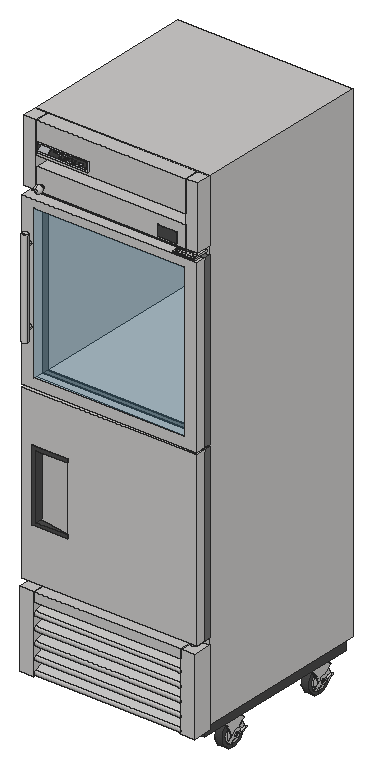
Revit family "QF_TRUE_T-23-1-G-1-HC~FGD01", category Specialty Equipment, Revit 2015
Parameters
  Weight in Pounds = 330
  Watts = if(Phase = 3, Volts * FL Amps * 1.73, Volts * FL Amps)  # 253 W
  Volts = 115 V
  URL Cutsheet = ""
  Specification by User = ""
  Specification by Manufacturer = ""
  Show Logo [instance] = yes
  Show Clearance [instance] = yes
  Show 6 Inches Standard Legs [instance] = no
  Show 6 Inches Seismic Flanged Legs [instance] = no
  Overall Height [instance] = Body Height + Base Height  # 83 3/8"
  Body Height = 78 3/8"
  6 Inches Seismic Flanged Legs [instance] = and(Show 6 Inches Seismic Flanged Legs, not(Show 5 Inches Casters))  # no
  6 Inches Standard Legs [instance] = and(Show 6 Inches Standard Legs, not(Show 5 Inches Casters))  # no
  Show 5 Inches Casters [instance] = if(Show 6 Inches Seismic Flanged Legs, Show 6 Inches Standard Legs, not(Show 6 Inches Standard Legs))  # yes
  Serial Number = ""
  Seismic Rating = ""
  SMACNA No = ""
  Revision Code = ""
  Phase = 1
  Number of Poles = 1
  NAFEM Spec ID Number = ""
  Model = "T-23-1-G-1-HC~FGD01"
  Min Ckt Ampacity = 0 A
  Max Overcurrent Protection = 0 A
  Masterspec = ""
  Manufacturer = "TRUE"
  Length = 27"
  Item Number = ""
  Installed By = ""
  Identify Quantity as Lot = yes
  Height = 83 3/8"
  HP = "1/4"
  Furnished By = ""
  Foodservice Equipment Identifier = yes
  FL Amps = 2.2 A
  Electrical Remarks = ""
  Electric Connection Type = ""
  Elec Conn RI Height = 0"
  Elec Conn Connection Height = 0"
  Description = "REACH-IN COMBINATION HALF SWING DOOR REFRIGERATOR WITH HYDROCARBON REFRIGERANT~FRAMED GLASS DOOR VERSION 01"
  Depth = 32 1/8"
  Cycle = 60 Hz
  Conn Plug = "NEMA 5-15P"
  Conn Conduit = yes
  CSI MasterFormat = ""
  Base Height [instance] = if(Show 5 Inches Casters, 5", 6")  # 5"
  Apparent Power = if(Phase = 3, Volts * FL Amps * 1.73, Volts * FL Amps)  # 253 VA
Reference planes (in)
  plane 1 "BACK": y = 0
  plane 2: z = 0
  plane 3 "LEFT": x = 0
  plane 4 "RIGHT": x = 27
  plane 5 "FRONT": y = -32.125
  plane 6 "TOP": z = 5
  plane 7 "Center Y": x = 13.5
  plane 8 "Center X": y = -16.0625
  plane 9: z = 83.375
Dimensions and locks (in)
  equal spacing: plane 3 "LEFT", plane 7 "Center Y", plane 4 "RIGHT"
  "Length": plane 3 "LEFT" to plane 4 "RIGHT"
  equal spacing: plane 5 "FRONT", plane 8 "Center X", plane 1 "BACK"
  "Depth": plane 5 "FRONT" to plane 1 "BACK"
  "Base Height": plane 6 "TOP" to level
  plane 1 "BACK" to nested 1 = 54 7/8"
  "Body Height": plane 9 to plane 6 "TOP"
  "Overall Height": plane 9 to plane 2
  aligned and locked: plane 2 to level
  aligned and locked: nested 1 to plane 6 "TOP"
Nested families (in)
  nested 1: "T-23-1-G-1-HC-FGD01" at (0, 0, 5), Show Clearance <- "Show Clearance", Show Logo <- "Show Logo", type "T-23-1-G-1-HC-FGD01"
    with Show Logo yes, Show Clearance yes
  nested 2: "TRUE_L6_C3.5" at (2.98654, -21.77779, 0), Show 6 Inches Legs <- "6 Inches Standard Legs", Seismic Flanged <- "6 Inches Seismic Flanged Legs", Show 5" Casters <- "Show 5 Inches Casters", type "TRUE_L6_C3.5"
    with Type Mark "", Specification by User "", Show 6 Inches Legs no, Show 5" Casters yes, Seismic Flanged no, Revision Code "", Item Number "", Installed By "", Identify Quantity as Lot yes, Furnished By "", Foodservice Equipment Identifier yes
  nested 3: "TRUE_L6_C3.5" at (24.01346, -21.77779, 0), Show 6 Inches Legs <- "6 Inches Standard Legs", Seismic Flanged <- "6 Inches Seismic Flanged Legs", Show 5" Casters <- "Show 5 Inches Casters", type "TRUE_L6_C3.5"
    with Type Mark "", Specification by User "", Show 6 Inches Legs no, Show 5" Casters yes, Seismic Flanged no, Revision Code "", Item Number "", Installed By "", Identify Quantity as Lot yes, Furnished By "", Foodservice Equipment Identifier yes
  nested 4: "TRUE_L6_C3.5" at (2.98654, -5.03471, 0), Show 6 Inches Legs <- "6 Inches Standard Legs", Seismic Flanged <- "6 Inches Seismic Flanged Legs", Show 5" Casters <- "Show 5 Inches Casters", type "TRUE_L6_C3.5"
    with Type Mark "", Specification by User "", Show 6 Inches Legs no, Show 5" Casters yes, Seismic Flanged no, Revision Code "", Item Number "", Installed By "", Identify Quantity as Lot yes, Furnished By "", Foodservice Equipment Identifier yes
  nested 5: "TRUE_L6_C3.5" at (24.01346, -5.03471, 0), Show 6 Inches Legs <- "6 Inches Standard Legs", Seismic Flanged <- "6 Inches Seismic Flanged Legs", Show 5" Casters <- "Show 5 Inches Casters", type "TRUE_L6_C3.5"
    with Type Mark "", Specification by User "", Show 6 Inches Legs no, Show 5" Casters yes, Seismic Flanged no, Revision Code "", Item Number "", Installed By "", Identify Quantity as Lot yes, Furnished By "", Foodservice Equipment Identifier yes
Connectors (in)
  electrical at (12.40625, 0.25, 5.87463), driven by "Volts", driven by "Watts"
    settings: on nested 1, index 1, voltage 115 V, apparent load 253 VA, apparent load phase1 0 VA, apparent load phase2 0 VA, apparent load phase3 0 VA, power factor 1, load classification "Other", number of poles 1, system type 30, power factor state 1, is connector primary yes, connector utility no, sub classification motor no, connector description "ELECTRICAL CONNECTION"
Definition of nested family "T-23-1-G-1-HC-FGD01"
  Parameters (values of type "T-23-1-G-1-HC-FGD01")
    Weight in Pounds = 0
    Watts = if(Phase = 3, Volts * FL Amps * 1.73, Volts * FL Amps)  # 0 W
    Volts = 0 V
    URL Cutsheet = ""
    Specification by User = ""
    Specification by Manufacturer = ""
    Show Logo [instance] = yes
    Show Clearance [instance] = yes
    Serial Number = ""
    Seismic Rating = ""
    SMACNA No = ""
    Revision Code = ""
    Phase = 0
    Number of Poles = 1
    NAFEM Spec ID Number = ""
    Model = "T-12FG-HC~FGD01"
    Min Ckt Ampacity = 0 A
    Max Overcurrent Protection = 0 A
    Masterspec = ""
    Manufacturer = "TRUE"
    Length = 27"
    Item Number = ""
    Installed By = ""
    Identify Quantity as Lot = yes
    Height = 78 3/8"
    HP = ""
    Furnished By = ""
    Foodservice Equipment Identifier = yes
    FL Amps = 0 A
    Electrical Remarks = ""
    Electric Connection Type = ""
    Elec Conn RI Height = 0"
    Elec Conn Connection Height = 0"
    Description = ""
    Depth = 32 1/8"
    Cycle = 0 Hz
    Conn Plug = ""
    Conn Conduit = yes
    CSI MasterFormat = ""
    Apparent Power = if(Phase = 3, Volts * FL Amps * 1.73, Volts * FL Amps)  # 0 VA
  Reference planes (in)
    plane 1 "BACK": y = 0
    plane 2: z = 0
    plane 3 "LEFT": x = 0
    plane 4 "RIGHT": x = 27
    plane 5 "FRONT": y = -32.125
    plane 6 "TOP": z = 78.375
    plane 7 "Center Y": x = 13.5
    plane 8 "Center X": y = -16.0625
    plane 9: y = -30.5
    plane 10: y = -54.875
  Forms (in)
    Extrusion 1, solid
      sketch origin (0, 0, -3.4375) x (0, 1, 0) y (0, 0, 1)
        loop
          line (-27.83459, 5.6875) -> (-27.83459, 3.4375) -> (-0.625, 3.4375) -> (-0.625, 5.6875) -> (-27.83459, 5.6875)
      from 1.05258 to 25.94742
    Extrusion 2, solid
      sketch origin (0, 0, 59.09193) x (0, 0, -1) y (-1, 0, 0)
        loop
          circle (56.6548, -12.40625) r 0.25
      from 0 to 0.25
    Extrusion 3, solid
      sketch origin (0, 0, -3.4375) x (0, 1, 0) y (0, 0, 1)
        loop
          line (0, 17.70886) -> (-0.5, 17.70886) -> (-0.5, 4.13763) -> (0, 4.13763) -> (0, 17.70886)
      from 1.05258 to 23.84813
    Extrusion 4, solid
      sketch origin (0, -28.25, 2.25) x (0, 0, 1) y (-1, 0, 0)
        loop
          line (38.87447, 0) -> (38.87447, -27) -> (65.18935, -27) -> (65.18935, 0) -> (38.87447, 0)
        loop
          line (40.37447, -25.17578) -> (63.99013, -25.17578) -> (63.99013, -1.82422) -> (40.37447, -1.82422) -> (40.37447, -25.17578)
      from 0.88884 to 2.57713
    Extrusion 5, solid
      sketch origin (0, -17.5, -3.4375) x (0, 1, 0) y (0, 0, 1)
        loop
          line (-13.71875, 16.72427) -> (-13.71875, 15.32363) -> (-10.75, 15.32363) -> (-10.75, 16.72427) -> (-13.71875, 16.72427)
        loop
          line (-13.20993, 5.0211) -> (-10.75, 5.97002) -> (-10.75, 6.77338) -> (-13.4787, 5.72128)
          arc (-13.4787, 5.72128) -> (-13.69441, 5.2368) -> (-13.20993, 5.0211) r 0.375
        loop
          line (-13.20993, 9.13047) -> (-10.75, 10.0794) -> (-10.75, 10.88276) -> (-13.4787, 9.83066)
          arc (-13.4787, 9.83066) -> (-13.69441, 9.34618) -> (-13.20993, 9.13047) r 0.375
        loop
          line (-13.20993, 7.07086) -> (-10.75, 8.01978) -> (-10.75, 8.82314) -> (-13.4787, 7.77104)
          arc (-13.4787, 7.77104) -> (-13.69441, 7.28656) -> (-13.20993, 7.07086) r 0.375
        loop
          line (-13.20993, 11.19009) -> (-10.75, 12.13901) -> (-10.75, 12.94237) -> (-13.4787, 11.89027)
          arc (-13.4787, 11.89027) -> (-13.69441, 11.40579) -> (-13.20993, 11.19009) r 0.375
        loop
          line (-13.20993, 13.24971) -> (-10.75, 14.19863) -> (-10.75, 14.94863) -> (-13.4787, 13.94989)
          arc (-13.4787, 13.94989) -> (-13.69441, 13.46541) -> (-13.20993, 13.24971) r 0.375
      from 2.10981 to 24.89019
    Extrusion 6, solid
      sketch origin (0, -30.82713, 2.25) x (0, 0, 1) y (-1, 0, 0)
        loop
          line (63.99013, -1.82422) -> (40.37447, -1.82422) -> (40.37447, -25.17578) -> (63.99013, -25.17578) -> (63.99013, -1.82422)
      from 0 to -0.25
    Extrusion 7, solid
      sketch origin (27, -28.25, 41.12447) x (0, 1, 0) y (1, 0, 0)
        loop
          line (0, -1.157) -> (0, -0.21392) -> (-2.06523, -0.25589)
          arc (-2.06523, -0.25589) -> (-2.48736, -0.68546) -> (-2.06523, -1.11503) r 0.42963
          line (-2.06523, -1.11503) -> (0, -1.157)
        loop
          circle (-2.05773, -0.68546) r 0.25
      from 0 to 0.22057
    Extrusion 8, solid
      sketch origin (27, -28.25, 41.12447) x (0, 1, 0) y (1, 0, 0)
        loop
          circle (-2.05773, -0.68546) r 0.25
      from 0 to 0.29961
    Extrusion 9, solid
      sketch origin (0, -6, -3.4375) x (0, 1, 0) y (0, 0, 1)
        loop
          line (-24.5, 81.8125) -> (-24.5, 72.09417) -> (-22.25, 72.09417) -> (-22.25, 81.8125) -> (-24.5, 81.8125)
      from 0 to 1.90515
    Extrusion 10, solid
      sketch origin (0, -6, -3.4375) x (0, 1, 0) y (0, 0, 1)
        loop
          line (-24.5, 75.37331) -> (-24.5, 72.09417) -> (-22.25, 72.09417) -> (-22.25, 75.37331) -> (-24.5, 75.37331)
        loop
          line (-24.5, 76.95333) -> (-22.25, 76.95333) -> (-22.25, 81.8125) -> (-24.5, 81.8125) -> (-24.5, 76.95333)
      from 1.90515 to 25.09485
    Extrusion 11, solid
      sketch origin (0, 3.5, -0.60715) x (0, -1, 0) y (0, 0, 1)
        loop
          line (31.76964, 13.89392) -> (31.76964, 2.10715) -> (34.73839, 2.10715) -> (34.73839, 13.89392) -> (31.76964, 13.89392)
      from -2.10981 to 0
    Extrusion 12, solid
      sketch origin (0.25, -30.5, 69.375) x (0, 0, 1) y (-1, 0, 0)
        loop
          line (1.12393, -20.5494) -> (-0.51594, -20.5494) -> (-0.51594, -23.49734) -> (1.12393, -23.49734) -> (1.12393, -20.5494)
      from 0 to 0.0625
    Extrusion 13, solid
      sketch origin (27, -6, 0) x (0, -1, 0) y (0, 0, 1)
        loop
          line (24.5, 78.375) -> (22.25, 78.375) -> (22.25, 68.65667) -> (24.5, 68.65667) -> (24.5, 78.375)
      from 0 to 1.90515
    Extrusion 14, solid
      sketch origin (27, 3.5, -0.60715) x (0, -1, 0) y (0, 0, -1)
        loop
          line (31.76964, -13.89392) -> (34.73839, -13.89392) -> (34.73839, -2.10715) -> (31.76964, -2.10715) -> (31.76964, -13.89392)
      from -2.10981 to 0
    Extrusion 15, solid
      sketch origin (0, -28.25, 67.43935) x (1, 0, 0) y (0, 1, 0)
        loop
          line (26.52659, -1.27764) -> (23.06149, -1.27764) -> (23.06149, -2.32875) -> (26.52659, -2.32875) -> (26.52659, -1.27764)
        loop
          circle (26.09113, -1.82353) r 0.25
        loop
          circle (24.44087, -1.81192) r 0.25
        loop
          circle (23.44087, -1.81192) r 0.25
      from 0 to 0.22057
    Extrusion 16, solid
      sketch origin (0, -28.25, 67.43935) x (1, 0, 0) y (0, 1, 0)
        loop
          circle (24.44087, -1.81192) r 0.25
        loop
          circle (23.44087, -1.81192) r 0.25
      from 0 to 0.31015
    Extrusion 17, solid
      sketch origin (0, -28.25, 67.93699) x (1, 0, 0) y (0, 1, 0)
        loop
          circle (26.09249, -1.82353) r 0.25
      from 0.07804 to -0.27708
    Extrusion 18, solid
      sketch origin (0, -28.25, 67.74949) x (1, 0, 0) y (0, 1, 0)
        loop
          line (26.54743, -2.35477) -> (26.50632, 0) -> (25.58853, 0) -> (25.54743, -2.35477) -> (26.54743, -2.35477)
        loop
          circle (26.09249, -1.82353) r 0.25
      from 0 to 0.1875
    Revolve 19, solid
      sketch origin (2.8125, -5.41031, -0.74369) x (0, 1, 0) y (0, 0, 1)
        loop
          line (-26.21193, 70.08568) -> (-25.08969, 70.08568) -> (-25.08969, 70.38048) -> (-25.29687, 70.38048) -> (-25.29687, 70.44449) -> (-25.41402, 70.44449)
          arc (-25.41402, 70.44449) -> (-25.84599, 70.63218) -> (-26.21193, 70.33568) r 0.45393
          line (-26.21193, 70.33568) -> (-26.21193, 70.08568)
        axis (-26.21193, 70.08568) -> (-25.08969, 70.08568)
      angle from 0 to 360
    Extrusion 20, solid
      sketch origin (0, -28.25, 2.25) x (0, 0, 1) y (-1, 0, 0)
        loop
          line (38.57487, 0) -> (12.02136, 0) -> (12.02136, -27) -> (38.57487, -27) -> (38.57487, 0)
        loop
          line (31.06188, -7.13049) -> (31.06188, -1.63049) -> (20.06188, -1.63049) -> (20.06188, -7.13049) -> (20.56188, -7.13049) -> (20.56188, -2.2811) -> (30.56188, -2.2811) -> (30.56188, -7.13049) -> (31.06188, -7.13049)
      from 0.88884 to 2.57713
    Extrusion 21, void
      sketch origin (1.63049, -28.25, 22.31188) x (1, 0, 0) y (0, 1, 0)
        loop
          line (0.65062, -1.73299) -> (0.65062, -2.57713) -> (5.5, -2.57713) -> (0.65062, -1.73299)
      from 0 to 11
    Extrusion 22, solid
      sketch origin (0, -29.13884, 2.25) x (0, 0, -1) y (-1, 0, 0)
        loop
          line (-20.06188, -1.63049) -> (-31.06188, -1.63049) -> (-31.06188, -2.2811) -> (-31.06188, -7.13049) -> (-30.56188, -7.13049) -> (-30.56188, -2.2811) -> (-20.56188, -2.2811) -> (-20.56188, -7.13049) -> (-20.06188, -7.13049) -> (-20.06188, -2.2811) -> (-20.06188, -1.63049)
      from -1.8662 to 0
    Extrusion 23, solid
      sketch origin (0, -0.5, 75.5) x (0, 0, -1) y (-1, 0, 0)
        loop
          line (-2.875, -27) -> (73.25, -27) -> (73.25, 0) -> (-2.875, 0) -> (-2.875, -27)
        loop
          line (9.25987, -1.82422) -> (9.25987, -25.17578) -> (32.87553, -25.17578) -> (32.87553, -1.82422) -> (9.25987, -1.82422)
      from -0.125 to -27.75
    Extrusion 24, solid
      sketch origin (0, -0.625, 75.5) x (0, 0, -1) y (-1, 0, 0)
        loop
          line (9.25987, -25.17578) -> (32.87553, -25.17578) -> (32.87553, -1.82422) -> (9.25987, -1.82422) -> (9.25987, -25.17578)
      from 0 to -1
    Extrusion 25, solid
      sketch origin (27, -28.25, 14.27136) x (0, 1, 0) y (1, 0, 0)
        loop
          line (0, -1.157) -> (0, -0.21392) -> (-2.06523, -0.25589)
          arc (-2.06523, -0.25589) -> (-2.48736, -0.68546) -> (-2.06523, -1.11503) r 0.42963
          line (-2.06523, -1.11503) -> (0, -1.157)
        loop
          circle (-2.05773, -0.68546) r 0.25
      from 0 to 0.22057
    Extrusion 26, solid
      sketch origin (27, -28.25, 14.27136) x (0, 1, 0) y (1, 0, 0)
        loop
          circle (-2.05773, -0.68546) r 0.25
      from 0 to 0.29961
    Extrusion 27, solid, visible <- "Show Clearance", detail levels coarse
      sketch origin (0, -6, 0) x (1, 0, 0) y (0, 1, 0)
        loop
          arc (0.00341, -24.82713) -> (8.41152, -42.5654) -> (27, -48.875) r 25.17696
          line (27, -48.875) -> (27, -24.82713) -> (0.00341, -24.82713)
      from 14.27136 to 67.43935
    Revolve 28, solid
      sketch origin (0, -31.6875, 0) x (1, 0, 0) y (0, 0, 1)
        loop
          line (1.10057, 47.84149) -> (1.10057, 62.77899) -> (0.66307, 62.77899) -> (0.66307, 47.84149) -> (1.10057, 47.84149)
        axis (1.10057, 47.84149) -> (1.10057, 62.77899)
      angle from 0 to 360
    Extrusion 29, solid
      sketch origin (0, 0, 0) x (1, 0, 0) y (0, 0, 1)
        loop
          circle (1.10057, 61.15399) r 0.31825
        loop
          circle (1.10057, 49.57627) r 0.31825
      from 30.82713 to 31.62224
    Extrusion 30, solid
      sketch origin (0, -28.25, 75.5) x (0, 0, 1) y (-1, 0, 0)
        loop
          line (-8.06065, -27) -> (-8.06065, 0) -> (-34.37553, 0) -> (-34.37553, -27) -> (-8.06065, -27)
        loop
          line (-9.25987, -1.82422) -> (-32.87553, -1.82422) -> (-32.87553, -25.17578) -> (-9.25987, -25.17578) -> (-9.25987, -1.82422)
        loop
          line (-34.67513, 0) -> (-61.22864, 0) -> (-61.22864, -27) -> (-34.67513, -27) -> (-34.67513, 0)
      from 0 to 0.88884
  Cuts and joins
    Extrusion 21 cuts Extrusion 20
    joined: Extrusion 23, Extrusion 24
  Lines and regions (in)
    symbolic lines
      curve 1: arc (0.00341, -30.82713, 0) -> (1.31598, -37.85492, 0) -> (4.55105, -44.23043, 0) r 25.17696
      curve 2: line (0, -0.625, 0) -> (27, -0.625, 0)
      curve 3: line (0, -30.82713, 0) -> (0, -0.625, 0)
      curve 4: line (27, -30.82713, 0) -> (3.16882, -30.82713, 0)
      curve 5: line (27, -0.625, 0) -> (27, -30.82713, 0)
      curve 6: circle (1.10057, -31.6875, 0) r 0.4375 normal (0, 0, 1)
      curve 7: line (0, -31.23839, 0) -> (2.26149, -31.23839, 0)
      curve 8: line (0.78232, -31.3873, 0) -> (0.78232, -31.23839, 0)
      curve 9: line (1.41882, -31.3873, 0) -> (1.41882, -31.23839, 0)
      curve 10: line (2.5625, -31.62224, 0) -> (3.0625, -31.62224, 0)
      curve 11: arc (2.45439, -30.82713, 0) -> (2.26371, -31.25796, 0) -> (2.5625, -31.62224, 0) r 0.44936
      curve 12: arc (3.16882, -30.82713, 0) -> (3.36137, -31.25754, 0) -> (3.0625, -31.62224, 0) r 0.44842
      curve 13: line (3.36351, -31.23839, 0) -> (27, -31.23839, 0)
      curve 14: line (27, -31.23839, 0) -> (27, -30.82713, 0)
      curve 15: line (0, -30.5, 0) -> (27, -30.5, 0)
      curve 16: line (2.45369, -30.70718, 0) -> (2.45369, -30.82713, 0)
      curve 17: line (2.45369, -30.70718, 0) -> (3.16882, -30.70718, 0)
      curve 18: line (2.5177, -30.70718, 0) -> (2.5177, -30.5, 0)
      curve 19: line (3.16882, -30.82713, 0) -> (3.16882, -30.70718, 0)
      curve 20: line (3.1073, -30.70718, 0) -> (3.1073, -30.5, 0)
      curve 21: line (0, -28.26964, 0) -> (27, -28.26964, 0)
      curve 22: line (1.05258, 0, 0) -> (1.05258, -0.625, 0)
      curve 23: line (1.05258, 0, 0) -> (23.84813, 0, 0)
      curve 24: line (23.84813, 0, 0) -> (23.84813, -0.625, 0)
      curve 25: line (4.55105, -44.23043, 0) -> (27, -31.23839, 0)
      curve 26: line (2.45439, -30.82713, 0) -> (0, -30.82713, 0)
      curve 27: line (2.45369, -30.82433, 0) -> (3.16882, -30.82433, 0)
      curve 28: line (1.90515, -28.26964, 0) -> (1.90515, -30.5, 0)
      curve 29: line (25.09485, -28.26964, 0) -> (25.09485, -30.5, 0)
  Dimensions and locks (in)
    equal spacing: plane 3 "LEFT", plane 7 "Center Y", plane 4 "RIGHT"
    "Length": plane 3 "LEFT" to plane 4 "RIGHT"
    equal spacing: plane 5 "FRONT", plane 8 "Center X", plane 1 "BACK"
    "Depth": plane 5 "FRONT" to plane 1 "BACK"
    "Height": plane 6 "TOP" to level
    plane 5 "FRONT" to plane 1 "BACK" = 32 1/8"
    plane 9 to plane 1 "BACK" = 30 1/2"
    plane 4 "RIGHT" to plane 3 "LEFT" = 27"
    plane 9 to cut or joined group of Extrusion 23, Extrusion 24 = 29 7/8"
    cut or joined group of Extrusion 23, Extrusion 24 to plane 1 "BACK" = 5/8"
    plane 1 "BACK" to plane 10 = 54 7/8"
    aligned and locked: level to plane 2
  Automatic sketch dimensions
    Extrusion 1 sketch curve to level = 0"
    plane 9 to Extrusion 1 sketch curve = 2.66541"
    plane 1 "BACK" to Extrusion 1 sketch curve = 5/8"
    level to Extrusion 1 sketch curve = 2 1/4"
    Extrusion 2 sketch curve to plane 7 "Center Y" = 1 3/32"
    level to Extrusion 2 sketch curve = 2.43713"
    Extrusion 3 sketch curve to plane 1 "BACK" = 0"
    plane 1 "BACK" to Extrusion 3 sketch curve = 1/2"
    level to Extrusion 3 sketch curve = 0.70013"
    Extrusion 3 sketch curve to Extrusion 3 sketch curve = 13.57123"
    Extrusion 4 sketch curve to plane 3 "LEFT" = 0"
    plane 4 "RIGHT" to Extrusion 4 sketch curve = 0"
    Extrusion 4 sketch curve to plane 6 "TOP" = 37.25053"
    Extrusion 4 sketch curve to Extrusion 4 sketch curve = 1 1/2"
    plane 4 "RIGHT" to Extrusion 4 sketch curve = 1 211/256"
    Extrusion 4 sketch curve to plane 6 "TOP" = 12.13487"
    Extrusion 4 sketch curve to Extrusion 4 sketch curve = 1 51/256"
    plane 3 "LEFT" to Extrusion 4 sketch curve = 1 211/256"
    Extrusion 5 sketch curve to plane 9 = 23/32"
    Extrusion 5 sketch curve to plane 9 = 0.4787"  (x5)
    Extrusion 5 sketch curve to plane 9 = 0.34431"  (x5)
    Extrusion 5 sketch curve to plane 9 = 0.20993"  (x5)
    plane 9 to Extrusion 5 sketch curve = 2 1/4"  (x2)
    Extrusion 5 sketch curve to Extrusion 5 sketch curve = 0"  (x4)
    level to Extrusion 5 sketch curve = 1.5836"
    Extrusion 5 sketch curve to Extrusion 5 sketch curve = 0.35009"  (x5)
    level to Extrusion 5 sketch curve = 2.53252"
    Extrusion 5 sketch curve to Extrusion 5 sketch curve = 0.80336"  (x4)
    Extrusion 5 sketch curve to Extrusion 5 sketch curve = 1.34957"
    Extrusion 5 sketch curve to Extrusion 5 sketch curve = 1.2464"
    Extrusion 5 sketch curve to Extrusion 5 sketch curve = 1.35943"  (x3)
    Extrusion 5 sketch curve to Extrusion 5 sketch curve = 1.25626"  (x3)
    Extrusion 5 sketch curve to Extrusion 5 sketch curve = 3/4"
    Extrusion 5 sketch curve to Extrusion 5 sketch curve = 3/8"
    Extrusion 5 sketch curve to Extrusion 5 sketch curve = 1.40064"
    Extrusion 6 sketch curve to Extrusion 4 = 0"  (x4)
    Extrusion 7 sketch curve to Extrusion 7 sketch curve = 0"  (x2)
    Extrusion 7 sketch curve to Extrusion 4 = 0.51191"  (x2)
    Extrusion 7 sketch curve to Extrusion 4 = 0.25589"
    Extrusion 7 sketch curve to Extrusion 7 sketch curve = 0.0075"
    Extrusion 4 to Extrusion 7 sketch curve = 0.88884"
    Extrusion 7 sketch curve to Extrusion 4 = 0.21392"
    Extrusion 7 sketch curve to Extrusion 7 sketch curve = 0.42957"
    Extrusion 7 sketch curve to Extrusion 7 sketch curve = 0.94308"
    Extrusion 8 sketch curve to Extrusion 4 = 0.5194"
    Extrusion 8 sketch curve to Extrusion 4 = 0.68546"
    Extrusion 9 sketch curve to plane 9 = 0"
    Extrusion 9 sketch curve to plane 6 "TOP" = 0"
    Extrusion 9 sketch curve to Extrusion 9 sketch curve = 2 1/4"
    Extrusion 9 sketch curve to Extrusion 9 sketch curve = 9.71833"
    Extrusion 10 sketch curve to plane 9 = 0"  (x2)
    Extrusion 10 sketch curve to plane 6 "TOP" = 0"
    plane 9 to Extrusion 10 sketch curve = 2 1/4"
    Extrusion 10 sketch curve to Extrusion 10 sketch curve = 0"
    Extrusion 10 sketch curve to Extrusion 10 sketch curve = 4.85917"
    Extrusion 10 sketch curve to Extrusion 10 sketch curve = 1.58002"
    Extrusion 10 sketch curve to Extrusion 10 sketch curve = 3.27914"
    plane 9 to Extrusion 11 sketch curve = 2.23036"
    Extrusion 11 sketch curve to plane 9 = 0.73839"
    level to Extrusion 11 sketch curve = 1 1/2"
    Extrusion 11 sketch curve to Extrusion 11 sketch curve = 11.78677"
    Extrusion 12 sketch curve to plane 6 "TOP" = 9.51594"
    Extrusion 12 sketch curve to Extrusion 12 sketch curve = 1.63987"
    plane 4 "RIGHT" to Extrusion 12 sketch curve = 3.25266"
    Extrusion 12 sketch curve to Extrusion 12 sketch curve = 2.94794"
    Extrusion 13 sketch curve to plane 6 "TOP" = 0"
    Extrusion 13 sketch curve to plane 9 = 0"
    Extrusion 13 sketch curve to Extrusion 13 sketch curve = 2 1/4"
    Extrusion 13 sketch curve to plane 6 "TOP" = 9.71833"
    plane 9 to Extrusion 14 sketch curve = 2.23036"
    Extrusion 14 sketch curve to plane 9 = 0.73839"
    level to Extrusion 14 sketch curve = 13.28677"
    level to Extrusion 14 sketch curve = 1 1/2"
    Extrusion 4 to Extrusion 15 sketch curve = 0.24838"
    Extrusion 4 to Extrusion 15 sketch curve = 3.93851"
    Extrusion 15 sketch curve to Extrusion 15 sketch curve = 0.37938"
    Extrusion 15 sketch curve to Extrusion 15 sketch curve = 1"
    Extrusion 4 to Extrusion 15 sketch curve = 0.90887"
    Extrusion 4 to Extrusion 15 sketch curve = 0.47341"
    Extrusion 15 sketch curve to Extrusion 15 sketch curve = 0.50522"
    Extrusion 4 to Extrusion 15 sketch curve = 0.76522"
    Extrusion 15 sketch curve to Extrusion 15 sketch curve = 0.51683"
    Extrusion 4 to Extrusion 15 sketch curve = 0.3888"
    Extrusion 4 to Extrusion 16 sketch curve = 0.76522"  (x2)
    Extrusion 4 to Extrusion 16 sketch curve = 3.55913"
    Extrusion 16 sketch curve to Extrusion 16 sketch curve = 1"
    Extrusion 18 sketch curve to Extrusion 18 sketch curve = 0.0411"
    Extrusion 18 sketch curve to Extrusion 18 sketch curve = 0.54506"
    Extrusion 18 sketch curve to Extrusion 18 sketch curve = 0.91779"
    Extrusion 18 sketch curve to Extrusion 18 sketch curve = 0.45494"
    Extrusion 18 sketch curve to Extrusion 18 sketch curve = 17/32"
    Extrusion 18 sketch curve to Extrusion 18 sketch curve = 1.82353"
    Revolve 19 sketch curve to plane 9 = 0"  (x2)
    Revolve 19 sketch curve to Revolve 19 sketch curve = 0.20718"
    Revolve 19 sketch curve to Revolve 19 sketch curve = 0.11714"
    Revolve 19 sketch curve to Revolve 19 sketch curve = 0.37064"
    Revolve 19 sketch curve to Revolve 19 sketch curve = 0.42727"
    Revolve 19 sketch curve to plane 6 "TOP" = 9.03301"
    Revolve 19 sketch curve to Revolve 19 sketch curve = 0.09674"
    Revolve 19 sketch curve to Revolve 19 sketch curve = 1/4"
    Revolve 19 sketch curve to Revolve 19 sketch curve = 0.064"
    Revolve 19 sketch curve to Revolve 19 sketch curve = 0.62631"
    Revolve 19 sketch curve to Revolve 19 sketch curve = 0"
    Extrusion 20 sketch curve to plane 3 "LEFT" = 0"
    plane 4 "RIGHT" to Extrusion 20 sketch curve = 0"
    level to Extrusion 20 sketch curve = 14.27136"
    Extrusion 20 sketch curve to Extrusion 20 sketch curve = 8.04052"
    Extrusion 20 sketch curve to Extrusion 20 sketch curve = 1/2"  (x2)
    Extrusion 20 sketch curve to Extrusion 20 sketch curve = 10"
    Extrusion 20 sketch curve to Extrusion 20 sketch curve = 7.51299"
    Extrusion 20 sketch curve to plane 7 "Center Y" = 6.36951"  (x2)
    plane 3 "LEFT" to Extrusion 20 sketch curve = 2.2811"
    Extrusion 20 sketch curve to Extrusion 20 sketch curve = 0.65062"
    Extrusion 21 sketch curve to Extrusion 20 = 0"  (x2)
    Extrusion 21 sketch curve to Extrusion 20 = 0.65062"
    Extrusion 21 sketch curve to Extrusion 21 sketch curve = 0.84415"
    Extrusion 22 sketch curve to Extrusion 20 = 0"  (x6)
    Extrusion 20 to Extrusion 22 sketch curve = 0"  (x4)
    plane 4 "RIGHT" to Extrusion 23 sketch curve = 0"
    Extrusion 23 sketch curve to plane 6 "TOP" = 0"
    Extrusion 23 sketch curve to plane 3 "LEFT" = 0"
    plane 3 "LEFT" to Extrusion 23 sketch curve = 1 211/256"
    Extrusion 23 sketch curve to plane 6 "TOP" = 12.13487"
    Extrusion 23 sketch curve to Extrusion 23 sketch curve = 23.61565"
    level to Extrusion 23 sketch curve = 2 1/4"
    plane 4 "RIGHT" to Extrusion 23 sketch curve = 1 211/256"
    Extrusion 24 sketch curve to Extrusion 23 = 0"  (x3)
    Extrusion 23 to Extrusion 24 sketch curve = 0"
    Extrusion 25 sketch curve to Extrusion 25 sketch curve = 0"  (x2)
    plane 9 to Extrusion 25 sketch curve = 0.18477"  (x2)
    plane 9 to Extrusion 25 sketch curve = 0.19227"
    Extrusion 25 sketch curve to Extrusion 25 sketch curve = 2.06523"
    plane 4 "RIGHT" to Extrusion 25 sketch curve = 0.21392"
    plane 4 "RIGHT" to Extrusion 25 sketch curve = 0.25589"
    Extrusion 25 sketch curve to Extrusion 25 sketch curve = 0.42957"
    Extrusion 25 sketch curve to Extrusion 25 sketch curve = 0.94308"
    plane 9 to Extrusion 26 sketch curve = 0.19227"
    plane 4 "RIGHT" to Extrusion 26 sketch curve = 0.68546"
    Extrusion 27 sketch curve to plane 4 "RIGHT" = 0"
    Extrusion 27 sketch curve to plane 10 = 0"
    plane 9 to Extrusion 27 sketch curve = 0.73449"
    plane 4 "RIGHT" to Extrusion 27 sketch curve = 1.84202"
    plane 3 "LEFT" to Extrusion 27 sketch curve = 0.00341"
    plane 3 "LEFT" to Revolve 28 sketch curve = 0.66307"
    Revolve 28 sketch curve to Revolve 28 sketch curve = 7/16"
    Revolve 28 sketch curve to plane 6 "TOP" = 30.53351"
    Revolve 28 sketch curve to Revolve 28 sketch curve = 14 15/16"
    Revolve 28 sketch curve to Revolve 28 sketch curve = 0"  (x2)
    Revolve 28 sketch curve to Revolve 28 sketch curve = 25/64"
    plane 3 "LEFT" to Extrusion 29 sketch curve = 1.10057"  (x2)
    Extrusion 29 sketch curve to plane 6 "TOP" = 28.79873"
    Extrusion 29 sketch curve to Extrusion 29 sketch curve = 11.57772"
    Extrusion 30 sketch curve to Extrusion 23 = 0"  (x6)
    Extrusion 23 to Extrusion 30 sketch curve = 0"  (x2)
    Extrusion 30 sketch curve to Extrusion 23 = 1 1/2"
    Extrusion 30 sketch curve to Extrusion 30 sketch curve = 0.29961"
    Extrusion 30 sketch curve to Extrusion 23 = 12.02136"
    Extrusion 30 sketch curve to Extrusion 23 = 1 51/256"
    curve 15 to plane 3 "LEFT" = 0"
    curve 7 to plane 3 "LEFT" = 0"
    plane 1 "BACK" to curve 23 = 0"
    curve 29 to plane 9 = 0"
    curve 15 to plane 4 "RIGHT" = 0"
    plane 3 "LEFT" to curve 23 = 1.05258"
    curve 6 to plane 5 "FRONT" = 7/16"
    plane 3 "LEFT" to curve 6 = 1.10057"
    curve 17 to plane 9 = 0.20718"
    curve 6 to curve 17 = 1.35313"
    curve 16 to curve 26 = 0.0007"
    curve 10 to plane 5 "FRONT" = 0.50276"
    curve 11 to curve 10 = 0.10811"
    curve 11 to curve 11 = 0.25459"
    curve 11 to curve 12 = 0.20792"
    curve 12 to curve 10 = 0.1456"
    curve 12 to curve 4 = 0.25192"
    plane 3 "LEFT" to curve 25 = 4.55105"
    plane 4 "RIGHT" to curve 23 = 3.15187"
    plane 9 to curve 1 = 0.73449"
    plane 4 "RIGHT" to curve 1 = 1.84202"
    plane 10 to curve 25 = 10.64457"
    curve 25 to plane 9 = 0.73839"
    curve 12 to curve 12 = 0.42413"
    curve 12 to curve 11 = 0.00069"
    plane 1 "BACK" to curve 2 = 5/8"
    plane 3 "LEFT" to curve 1 = 0.00341"
    curve 8 to curve 6 = 0.31825"
    curve 6 to curve 9 = 0.31825"
    curve 28 to curve 16 = 0.54855"
    curve 7 to curve 11 = 0.44749"
    curve 16 to curve 18 = 0.064"
    curve 20 to curve 17 = 0.06152"
    curve 29 to curve 1 = 0.06312"
    curve 8 to curve 8 = 0.1489"
    curve 16 to curve 27 = 0.00281"
    curve 1 to curve 29 = 1.49587"
    radius of Extrusion 2 sketch curve = 1/4"
    radius of Extrusion 7 sketch curve = 1/4"
    radius of Extrusion 8 sketch curve = 1/4"
    radius of Extrusion 15 sketch curve = 1/4"  (x3)
    radius of Extrusion 16 sketch curve = 1/4"  (x2)
    radius of Extrusion 17 sketch curve to Extrusion 18 = 0"
    radius of Extrusion 18 sketch curve = 1/4"
    radius of Extrusion 25 sketch curve = 1/4"
    radius of Extrusion 26 sketch curve = 1/4"
    radius of Extrusion 29 sketch curve = 0.31825"  (x2)
  Nested families (in)
    nested 1: "QF_LOGO_TRUE" at (1.90515, -30.5, 73.9375), Show Logo <- "Show Logo", type "QF_LOGO_TRUE", detail levels medium+fine
      with Show Logo yes
  Definition of nested family "QF_LOGO_TRUE"
    Parameters (values of type "QF_LOGO_TRUE")
      Show Logo [instance] = yes
    Reference planes (in)
      plane 1 "Center (Front/Back)": y = 0
      plane 2: z = 0
      plane 3 "Center (Left/Right)": x = 0
    Forms (in)
      Extrusion 1, solid, visible <- "Show Logo"
        sketch origin (-78.34647, 34.76905, -30.51001) x (1, 0, 0) y (0, 0, 1)
          loop
            line (81.15226, 31.65456) -> (81.07353, 31.48573) -> (82.12083, 31.48573)
            arc (82.12083, 31.48573) -> (82.14208, 31.44814) -> (82.12083, 31.41055) r 0.04386
            line (82.12083, 31.41055) -> (81.84767, 30.82478)
            arc (81.84767, 30.82478) -> (81.84531, 30.77052) -> (81.882, 30.73048) r 0.07096
            line (81.882, 30.73048) -> (82.55165, 30.73048)
            arc (82.55165, 30.73048) -> (82.63621, 30.75714) -> (82.69019, 30.82748) r 0.14742
            line (82.69019, 30.82748) -> (82.90515, 31.28847) -> (83.10265, 31.28847)
            arc (83.10265, 31.28847) -> (83.15447, 31.26942) -> (83.14697, 31.21472) r 0.04405
            line (83.14697, 31.21472) -> (82.9671, 30.82899)
            arc (82.9671, 30.82899) -> (82.9699, 30.76493) -> (83.02398, 30.73048) r 0.06943
            line (83.02398, 30.73048) -> (83.6124, 30.73048)
            arc (83.6124, 30.73048) -> (83.65748, 30.74689) -> (83.68147, 30.78844) r 0.07014
            arc (83.68147, 30.78844) -> (83.69845, 30.74745) -> (83.73943, 30.73048) r 0.05796
            line (83.73943, 30.73048) -> (84.112, 30.73048)
            arc (84.112, 30.73048) -> (84.15504, 30.74201) -> (84.18655, 30.77352) r 0.08608
            arc (84.18655, 30.77352) -> (84.20164, 30.7371) -> (84.23806, 30.72202) r 0.0515
            line (84.23806, 30.72202) -> (84.76757, 30.72202)
            arc (84.76757, 30.72202) -> (84.81086, 30.73995) -> (84.8288, 30.78324) r 0.06122
            arc (84.8288, 30.78324) -> (84.86848, 30.74355) -> (84.92269, 30.72903) r 0.10842
            line (84.92269, 30.72903) -> (85.91461, 30.72903) -> (86.02479, 30.91987) -> (85.0243, 30.91987)
            arc (85.0243, 30.91987) -> (84.99669, 30.93902) -> (84.99566, 30.97261) r 0.03732
            line (84.99566, 30.97261) -> (85.01297, 31.00972)
            arc (85.01297, 31.00972) -> (85.03954, 31.04453) -> (85.0813, 31.05774) r 0.07263
            line (85.0813, 31.05774) -> (85.40289, 31.05774)
            arc (85.40289, 31.05774) -> (85.4723, 31.07633) -> (85.52311, 31.12715) r 0.13882
            line (85.52311, 31.12715) -> (85.61625, 31.28847)
            arc (85.61625, 31.28847) -> (85.61625, 31.37458) -> (85.54168, 31.41763) r 0.08611
            line (85.54168, 31.41763) -> (85.20227, 31.41763)
            arc (85.20227, 31.41763) -> (85.11574, 31.40294) -> (85.05538, 31.33923) r 0.13863
            line (85.05538, 31.33923) -> (84.89409, 30.99333)
            arc (84.89409, 30.99333) -> (84.84649, 30.9313) -> (84.77191, 30.90778) r 0.13002
            line (84.77191, 30.90778) -> (84.41984, 30.90778)
            arc (84.41984, 30.90778) -> (84.3777, 30.95378) -> (84.38042, 31.0161) r 0.08151
            line (84.38042, 31.0161) -> (84.56766, 31.41763) -> (84.44849, 31.41763) -> (84.25012, 30.99222)
            arc (84.25012, 30.99222) -> (84.21158, 30.94199) -> (84.15119, 30.92296) r 0.10527
            line (84.15119, 30.92296) -> (83.90842, 30.92296)
            arc (83.90842, 30.92296) -> (83.8674, 30.97642) -> (83.87619, 31.04323) r 0.08805
            line (83.87619, 31.04323) -> (84.05078, 31.41763) -> (83.92772, 31.41763) -> (83.72676, 30.98668)
            arc (83.72676, 30.98668) -> (83.68011, 30.94003) -> (83.61639, 30.92296) r 0.12745
            line (83.61639, 30.92296) -> (83.26484, 30.92296)
            arc (83.26484, 30.92296) -> (83.2017, 30.9524) -> (83.19563, 31.0218) r 0.06967
            line (83.19563, 31.0218) -> (83.31118, 31.26961) -> (83.47452, 31.26961)
            arc (83.47452, 31.26961) -> (83.50209, 31.35268) -> (83.56075, 31.41763) r 0.21289
            line (83.56075, 31.41763) -> (82.92244, 31.41763)
            arc (82.92244, 31.41763) -> (82.85151, 31.40191) -> (82.80242, 31.34834) r 0.12081
            line (82.80242, 31.34834) -> (82.6294, 30.9773)
            arc (82.6294, 30.9773) -> (82.58962, 30.93752) -> (82.53528, 30.92296) r 0.10869
            line (82.53528, 30.92296) -> (82.1542, 30.92296)
            arc (82.1542, 30.92296) -> (82.12446, 30.96315) -> (82.13012, 31.01283) r 0.06822
            line (82.13012, 31.01283) -> (82.38156, 31.48573) -> (83.01596, 31.48573) -> (83.09469, 31.65456) -> (82.46029, 31.65456) -> (82.53902, 31.8234) -> (82.31334, 31.8234) -> (82.23461, 31.65456) -> (81.15226, 31.65456)
          loop
            arc (85.15937, 31.26434) -> (85.13191, 31.25698) -> (85.1118, 31.23688) r 0.05494
            line (85.1118, 31.23688) -> (85.09547, 31.18665)
            arc (85.09547, 31.18665) -> (85.10304, 31.16837) -> (85.12133, 31.16079) r 0.02586
            line (85.12133, 31.16079) -> (85.39889, 31.16079)
            arc (85.39889, 31.16079) -> (85.41888, 31.16523) -> (85.43513, 31.1777) r 0.04731
            line (85.43513, 31.1777) -> (85.44863, 31.2402)
            arc (85.44863, 31.2402) -> (85.44466, 31.25693) -> (85.42914, 31.26434) r 0.01994
            line (85.42914, 31.26434) -> (85.15937, 31.26434)
          loop
            line (78.62961, 30.74125) -> (80.12032, 30.74125) -> (80.73891, 31.81268) -> (79.2482, 31.81268) -> (78.62961, 30.74125)
        from 34.76797 to 34.83173
      Extrusion 2, solid, visible <- "Show Logo"
        sketch origin (-142.84857, 34.75108, -33.3546) x (1, 0, 0) y (0, 0, 1)
          loop
            line (150.81107, 34.71978) -> (142.98607, 34.71978) -> (142.98607, 33.4921) -> (150.81107, 33.4921) -> (150.81107, 34.71978)
        from 34.75108 to 34.78125
      Extrusion 3, solid, visible <- "Show Logo"
        sketch origin (-142.84857, 34.75108, -33.3546) x (1, 0, 0) y (0, 0, 1)
          loop
            line (150.94857, 34.85727) -> (142.84857, 34.85727) -> (142.84857, 33.3546) -> (150.94857, 33.3546) -> (150.94857, 34.85727)
          loop
            line (142.98607, 34.71978) -> (142.98607, 33.4921) -> (150.81107, 33.4921) -> (150.81107, 34.71978) -> (142.98607, 34.71978)
        from 34.75108 to 34.81376
      Extrusion 4, solid, not visible
        sketch origin (121.45701, -16.5, 4.98235) x (1, 0, 0) y (0, 0, 1)
          loop
            line (25.20115, 35.89949) -> (25.20115, 33.96647) -> (30.95381, 33.96647) -> (30.95381, 35.89949) -> (25.20115, 35.89949)
        from 31.5 to 31.54261
      Extrusion 5, solid, not visible
        sketch origin (121.45701, -16.5, 4.98235) x (1, 0, 0) y (0, 0, 1)
          loop
            line (26.7387, 34.95472) -> (26.61492, 34.49276) -> (27.038, 34.49276)
            arc (27.038, 34.49276) -> (27.13117, 34.52484) -> (27.18485, 34.60749) r 0.15134
            arc (27.18485, 34.60749) -> (27.20396, 34.68138) -> (27.22435, 34.75493) r 4.37326
            arc (27.22435, 34.75493) -> (27.23458, 34.81765) -> (27.22435, 34.88037) r 0.1974
            arc (27.22435, 34.88037) -> (27.18247, 34.93579) -> (27.11563, 34.95472) r 0.10914
            line (27.11563, 34.95472) -> (26.7387, 34.95472)
          loop
            line (26.90201, 34.80638) -> (26.84645, 34.59903) -> (26.92855, 34.59903)
            arc (26.92855, 34.59903) -> (26.98205, 34.6185) -> (27.01051, 34.6678) r 0.08322
            line (27.01051, 34.6678) -> (27.02399, 34.74424)
            arc (27.02399, 34.74424) -> (27.01491, 34.78454) -> (26.97985, 34.80638) r 0.05353
            line (26.97985, 34.80638) -> (26.90201, 34.80638)
          loop
            line (27.45336, 34.66131) -> (27.76233, 34.66131) -> (27.78859, 34.73909)
            arc (27.78859, 34.73909) -> (27.7878, 34.82039) -> (27.73107, 34.87864) r 0.10925
            arc (27.73107, 34.87864) -> (27.68233, 34.8944) -> (27.63139, 34.89974) r 0.24595
            line (27.63139, 34.89974) -> (27.46708, 34.89974)
            arc (27.46708, 34.89974) -> (27.4068, 34.88073) -> (27.3535, 34.84677) r 0.2421
            arc (27.3535, 34.84677) -> (27.2897, 34.76363) -> (27.26702, 34.66131) r 0.2421
            line (27.26702, 34.66131) -> (27.26702, 34.54477)
            arc (27.26702, 34.54477) -> (27.31618, 34.4956) -> (27.38334, 34.47761) r 0.13431
            line (27.38334, 34.47761) -> (27.59054, 34.47761)
            arc (27.59054, 34.47761) -> (27.63459, 34.48281) -> (27.67622, 34.49812) r 0.18924
            line (27.67622, 34.49812) -> (27.73102, 34.61563)
            arc (27.73102, 34.61563) -> (27.68453, 34.59565) -> (27.63566, 34.58252) r 0.35376
            arc (27.63566, 34.58252) -> (27.55885, 34.56956) -> (27.48204, 34.58252) r 0.23415
            arc (27.48204, 34.58252) -> (27.44492, 34.61362) -> (27.45336, 34.66131) r 0.04838
          loop
            line (27.4842, 34.73042) -> (27.62012, 34.73042) -> (27.62621, 34.76496)
            arc (27.62621, 34.76496) -> (27.58961, 34.80242) -> (27.53739, 34.80638) r 0.0742
            arc (27.53739, 34.80638) -> (27.49747, 34.77773) -> (27.4842, 34.73042) r 0.0742
          loop
            line (27.91616, 34.97572) -> (27.78675, 34.49276) -> (27.98645, 34.49276) -> (28.11586, 34.97572) -> (27.91616, 34.97572)
          loop
            line (28.13678, 34.66131) -> (28.08755, 34.47761) -> (28.27134, 34.47761) -> (28.32056, 34.66131) -> (28.43674, 34.66131) -> (28.47974, 34.78864) -> (28.36519, 34.78864)
            arc (28.36519, 34.78864) -> (28.35733, 34.81649) -> (28.36921, 34.84288) r 0.04231
            arc (28.36921, 34.84288) -> (28.431, 34.8652) -> (28.49617, 34.85686) r 0.13988
            line (28.49617, 34.85686) -> (28.53544, 34.97317)
            arc (28.53544, 34.97317) -> (28.39725, 34.99096) -> (28.25905, 34.97317) r 0.54546
            arc (28.25905, 34.97317) -> (28.20849, 34.91994) -> (28.18197, 34.85147) r 0.1894
            line (28.18197, 34.85147) -> (28.17089, 34.78864) -> (28.11397, 34.78864) -> (28.07985, 34.66131) -> (28.13678, 34.66131)
          loop
            arc (28.74846, 34.89756) -> (28.65884, 34.88533) -> (28.56922, 34.89756) r 0.33455
            line (28.56922, 34.89756) -> (28.45669, 34.47761) -> (28.63593, 34.47761) -> (28.74846, 34.89756)
          loop
            arc (28.60398, 35.01195) -> (28.57699, 34.97173) -> (28.60398, 34.9315) r 0.04347
            line (28.60398, 34.9315) -> (28.75755, 34.9315)
            arc (28.75755, 34.9315) -> (28.78645, 34.96687) -> (28.77911, 35.01195) r 0.0556
            line (28.77911, 35.01195) -> (28.60398, 35.01195)
          loop
            line (28.95336, 34.66131) -> (29.26233, 34.66131) -> (29.28859, 34.73909)
            arc (29.28859, 34.73909) -> (29.2878, 34.82039) -> (29.23107, 34.87864) r 0.10925
            arc (29.23107, 34.87864) -> (29.18233, 34.8944) -> (29.13139, 34.89974) r 0.24595
            line (29.13139, 34.89974) -> (28.96708, 34.89974)
            arc (28.96708, 34.89974) -> (28.9068, 34.88073) -> (28.8535, 34.84677) r 0.2421
            arc (28.8535, 34.84677) -> (28.7897, 34.76363) -> (28.76702, 34.66131) r 0.2421
            line (28.76702, 34.66131) -> (28.76702, 34.54477)
            arc (28.76702, 34.54477) -> (28.81618, 34.4956) -> (28.88334, 34.47761) r 0.13431
            line (28.88334, 34.47761) -> (29.09054, 34.47761)
            arc (29.09054, 34.47761) -> (29.13459, 34.48281) -> (29.17622, 34.49812) r 0.18924
            line (29.17622, 34.49812) -> (29.23102, 34.61563)
            arc (29.23102, 34.61563) -> (29.18453, 34.59565) -> (29.13566, 34.58252) r 0.35376
            arc (29.13566, 34.58252) -> (29.05885, 34.56956) -> (28.98204, 34.58252) r 0.23415
            arc (28.98204, 34.58252) -> (28.94492, 34.61362) -> (28.95336, 34.66131) r 0.04838
          loop
            line (28.9842, 34.73042) -> (29.12012, 34.73042) -> (29.12621, 34.76496)
            arc (29.12621, 34.76496) -> (29.08961, 34.80242) -> (29.03739, 34.80638) r 0.0742
            arc (29.03739, 34.80638) -> (28.99747, 34.77773) -> (28.9842, 34.73042) r 0.0742
          loop
            line (29.41616, 34.97572) -> (29.28675, 34.49276) -> (29.48645, 34.49276) -> (29.61586, 34.97572) -> (29.41616, 34.97572)
          loop
            line (29.99836, 34.97572) -> (29.95192, 34.80242)
            arc (29.95192, 34.80242) -> (29.94473, 34.85705) -> (29.90102, 34.89059) r 0.07199
            arc (29.90102, 34.89059) -> (29.80023, 34.89941) -> (29.70251, 34.87322) r 0.29131
            arc (29.70251, 34.87322) -> (29.61806, 34.7652) -> (29.5896, 34.63108) r 0.30433
            line (29.5896, 34.63108) -> (29.5896, 34.55572)
            arc (29.5896, 34.55572) -> (29.61075, 34.50463) -> (29.66184, 34.48348) r 0.07224
            line (29.66184, 34.48348) -> (29.78537, 34.48348)
            arc (29.78537, 34.48348) -> (29.83854, 34.51313) -> (29.88504, 34.55243) r 0.31609
            line (29.88504, 34.55243) -> (29.86905, 34.49276) -> (30.05973, 34.49276) -> (30.18914, 34.97572) -> (29.99836, 34.97572)
          loop
            arc (29.84537, 34.75931) -> (29.79424, 34.71128) -> (29.77745, 34.64317) r 0.12371
            arc (29.77745, 34.64317) -> (29.80071, 34.59901) -> (29.85056, 34.59647) r 0.05045
            arc (29.85056, 34.59647) -> (29.90141, 34.64047) -> (29.92536, 34.7033) r 0.13769
            arc (29.92536, 34.7033) -> (29.90211, 34.75521) -> (29.84537, 34.75931) r 0.05543
          loop
            line (26.45047, 35.26762) -> (26.58211, 35.26762)
            arc (26.58211, 35.26762) -> (26.60467, 35.30821) -> (26.62126, 35.35157) r 0.3277
            arc (26.62126, 35.35157) -> (26.62714, 35.39992) -> (26.60877, 35.44503) r 0.09693
            arc (26.60877, 35.44503) -> (26.56454, 35.48868) -> (26.50462, 35.50516) r 0.12312
            arc (26.50462, 35.50516) -> (26.44158, 35.50565) -> (26.37854, 35.50546) r 5.76967
            arc (26.37854, 35.50546) -> (26.07462, 35.42923) -> (25.81045, 35.26076) r 0.97743
            line (25.81045, 35.26076) -> (25.85921, 35.26076)
            arc (25.85921, 35.26076) -> (26.08494, 35.39361) -> (26.3396, 35.45485) r 0.88817
            arc (26.3396, 35.45485) -> (26.41429, 35.44188) -> (26.47267, 35.39352) r 0.14748
            arc (26.47267, 35.39352) -> (26.48041, 35.32725) -> (26.45047, 35.26762) r 0.11636
          loop
            arc (26.35412, 35.17841) -> (26.19578, 35.0555) -> (26.00982, 34.98069) r 0.72453
            arc (26.00982, 34.98069) -> (25.9036, 34.95581) -> (25.79459, 34.9604) r 0.40201
            arc (25.79459, 34.9604) -> (25.7275, 34.98819) -> (25.69972, 35.05528) r 0.09488
            arc (25.69972, 35.05528) -> (25.71867, 35.12629) -> (25.77049, 35.17841) r 0.1425
            line (25.77049, 35.17841) -> (25.73665, 35.18748)
            arc (25.73665, 35.18748) -> (25.67632, 35.09876) -> (25.66924, 34.99171) r 0.20432
            arc (25.66924, 34.99171) -> (25.71443, 34.9227) -> (25.79473, 34.90384) r 0.11116
            arc (25.79473, 34.90384) -> (25.91172, 34.89904) -> (26.02716, 34.91862) r 0.56145
            arc (26.02716, 34.91862) -> (26.27675, 35.021) -> (26.49584, 35.17841) r 1.15683
            line (26.49584, 35.17841) -> (26.35412, 35.17841)
        from 31.54261 to 31.56272
    Dimensions and locks (in)
      aligned and locked: level to plane 2
      aligned and locked: Extrusion 2 to Extrusion 3  (x2)
      aligned and locked: Extrusion 2 sketch curve to Extrusion 3
Definition of nested family "TRUE_L6_C3.5"
  Parameters (values of type "RANDELL_L6_C3.5")
    Weight = ""
    URL Manufacturer = ""
    URL Cutsheet = ""
    URL = ""
    Type Mark [instance] = ""
    Specification by User [instance] = ""
    Specification by Manufacturer = ""
    Show 6 Inches Legs [instance] = yes
    Show 5" Casters [instance] = yes
    Serial Number = ""
    Seismic Rating = ""
    Seismic Flanged [instance] = yes
    SMACNA No = ""
    Revision Code [instance] = ""
    Omniclass Number and Title = ""
    NAFEM Spec ID Number = ""
    Model = ""
    MasterSpec. = ""
    Manufacturer = ""
    Item Number [instance] = ""
    Installed By [instance] = ""
    Identify Quantity as Lot [instance] = yes
    Furnished By [instance] = ""
    Foodservice Equipment Identifier [instance] = yes
    Description = ""
    CSI MasterFormat = ""
    CSI Master Format = ""
    Assembly Code = ""
  Reference planes (in)
    plane 1: z = 0
    plane 2 "RIGHT": x = 0
    plane 3 "FRONT": y = 0
    plane 4 "TOP": z = 5
  Forms (in)
    Revolve 1, solid, visible <- "Show 6 Inches Legs"
      sketch origin (11.12172, 0, 0) x (-1, 0, 0) y (0, 0, -1)
        loop
          line (11.12172, -6) -> (11.12172, 0) -> (10.62172, 0) -> (10.62172, -0.5) -> (10.37172, -0.5) -> (10.37172, -6) -> (11.12172, -6)
        axis (11.12172, 0) -> (11.12172, -6)
      angle from 0 to 360
    Revolve 2, solid, visible <- "Seismic Flanged"
      sketch origin (11.12172, 0, 0) x (-1, 0, 0) y (0, 0, -1)
        loop
          line (11.12172, -0.15832) -> (11.12172, 0) -> (9.94203, 0) -> (9.94203, -0.15832) -> (11.12172, -0.15832)
        axis (11.12172, 0) -> (11.12172, -0.15832)
      angle from 0 to 360
    Revolve 3, solid, visible <- "Seismic Flanged"
      sketch origin (11.12172, 0, 0) x (-1, 0, 0) y (0, 0, -1)
        loop
          line (11.12172, -6) -> (11.12172, 0) -> (10.62172, 0) -> (10.62172, -0.5) -> (10.37172, -0.5) -> (10.37172, -6) -> (11.12172, -6)
        axis (11.12172, 0) -> (11.12172, -6)
      angle from 0 to 360
    Revolve 4, solid, visible <- "Show 5" Casters"
      sketch origin (-1.93794, 0.99859, -1.0041) x (1, 0, 0) y (0, 0, 1)
        loop
          line (0.74055, 3.0041) -> (0.74055, 2.9286) -> (0.79055, 2.8786) -> (0.85055, 2.8786) -> (0.85055, 2.75852) -> (1.235, 2.75852) -> (1.235, 2.56618) -> (1.37557, 2.48502) -> (1.49133, 1.76972) -> (1.34375, 1.76972) -> (1.34375, 1.53535) -> (1.375, 1.53535) -> (1.375, 1.0041) -> (2.48438, 1.0041) -> (2.48438, 1.53535) -> (2.51563, 1.53535) -> (2.51563, 1.76972) -> (2.36805, 1.76972) -> (2.48438, 2.48853) -> (2.62438, 2.56936) -> (2.62438, 2.75852) -> (3.04007, 2.75852) -> (3.04007, 2.8786) -> (3.10007, 2.8786) -> (3.15007, 2.9286) -> (3.15007, 3.0041) -> (0.74055, 3.0041)
        axis (0.74055, 3.0041) -> (3.15007, 3.0041)
      angle from 0 to 360
    Extrusion 5, solid, visible <- "Show 5" Casters"
      sketch origin (-1.93794, 1.96337, -0.7541) x (0, 1, 0) y (0, 0, 1)
        loop
          line (-3.37739, 5.33423) -> (-3.37739, 4.92712) -> (-2.49294, 4.92712)
          arc (-2.49294, 4.92712) -> (-1.47209, 4.91752) -> (-0.46376, 4.75787) r 6.92153
          arc (-0.46376, 4.75787) -> (0.14199, 4.53396) -> (0.67481, 4.16904) r 2.62713
          line (0.67481, 4.16904) -> (0.7876, 4.33012)
          arc (0.7876, 4.33012) -> (0.48098, 4.5674) -> (0.13288, 4.73811) r 1.91675
          line (0.13288, 4.73811) -> (0.21197, 4.87494)
          arc (0.21197, 4.87494) -> (-0.1576, 5.02102) -> (-0.54934, 5.08775) r 1.91675
          line (-0.54934, 5.08775) -> (-0.54934, 5.33423) -> (-3.37739, 5.33423)
      from 1.17357 to 2.70231
    Revolve 6, solid, visible <- "Show 5" Casters"
      sketch origin (0, 2.15543, -1.25) x (0, 1, 0) y (0, 0, 1)
        loop
          line (-2.21793, 6.25) -> (-2.21793, 5.83014) -> (-1.05793, 5.83014) -> (-1.05793, 6.25) -> (-2.21793, 6.25)
        axis (-2.21793, 5.83014) -> (-2.21793, 6.25)
      angle from 0 to 360
    Extrusion 7, solid, visible <- "Show 5" Casters"
      sketch origin (-1.98481, 1.96337, -0.7541) x (0, 1, 0) y (0, 0, 1)
        loop
          line (-3.37739, 5.33423) -> (-3.37739, 4.92712) -> (-3.13361, 4.92712)
          arc (-3.13361, 4.92712) -> (-2.12623, 3.92533) -> (-1.55834, 2.62307) r 3.79122
          arc (-1.55834, 2.62307) -> (-0.81477, 2.14247) -> (-0.31772, 2.87515) r 0.63314
          arc (-0.31772, 2.87515) -> (-0.02244, 3.67728) -> (0.68637, 4.15498) r 1.39003
          line (0.68637, 4.15498) -> (0.7876, 4.33012)
          arc (0.7876, 4.33012) -> (0.48098, 4.5674) -> (0.13288, 4.73811) r 1.91675
          line (0.13288, 4.73811) -> (0.21197, 4.87494)
          arc (0.21197, 4.87494) -> (-0.1576, 5.02102) -> (-0.54934, 5.08775) r 1.91675
          line (-0.54934, 5.08775) -> (-0.54934, 5.33423) -> (-3.37739, 5.33423)
      from 2.74918 to 2.90825
    Extrusion 8, solid, visible <- "Show 5" Casters"
      sketch origin (1.98481, 1.96337, -0.7541) x (0, 1, 0) y (0, 0, -1)
        loop
          line (-3.37739, -5.33423) -> (-0.54934, -5.33423) -> (-0.54934, -5.08775)
          arc (-0.54934, -5.08775) -> (-0.1576, -5.02102) -> (0.21197, -4.87494) r 1.91675
          line (0.21197, -4.87494) -> (0.13288, -4.73811)
          arc (0.13288, -4.73811) -> (0.48098, -4.5674) -> (0.7876, -4.33012) r 1.91675
          line (0.7876, -4.33012) -> (0.68637, -4.15498)
          arc (0.68637, -4.15498) -> (-0.02244, -3.67728) -> (-0.31772, -2.87515) r 1.39003
          arc (-0.31772, -2.87515) -> (-0.81477, -2.14247) -> (-1.55834, -2.62307) r 0.63314
          arc (-1.55834, -2.62307) -> (-2.12623, -3.92533) -> (-3.13361, -4.92712) r 3.79122
          line (-3.13361, -4.92712) -> (-3.37739, -4.92712) -> (-3.37739, -5.33423)
      from 2.74918 to 2.90825
    Extrusion 9, solid, visible <- "Show 5" Casters"
      sketch origin (-0.96875, 2.04726, -0.57589) x (0, 1, 0) y (0, 0, -1)
        loop
          line (-2.58496, -2.03961) -> (-1.89213, -2.43961) -> (-1.53273, -2.64711)
          arc (-1.53273, -2.64711) -> (-1.45411, -2.76529) -> (-1.38688, -2.89031) r 1.51617
          arc (-1.38688, -2.89031) -> (-1.13602, -3.13035) -> (-0.79652, -3.20306) r 0.63657
          arc (-0.79652, -3.20306) -> (-0.67098, -3.20163) -> (-0.54633, -3.21661) r 0.9589
          line (-0.54633, -3.21661) -> (0.23309, -3.66661) -> (0.42979, -3.32592)
          arc (0.42979, -3.32592) -> (0.46473, -3.10362) -> (0.3415, -2.91533) r 0.313
          line (0.3415, -2.91533) -> (0.21087, -3.04595)
          arc (0.21087, -3.04595) -> (0.24081, -3.14321) -> (0.14284, -3.17074) r 0.07109
          line (0.14284, -3.17074) -> (-0.52795, -2.78336)
          arc (-0.52795, -2.78336) -> (-0.62217, -2.51108) -> (-0.36609, -2.37904) r 0.22
          arc (-0.36609, -2.37904) -> (-0.3435, -2.357) -> (-0.33862, -2.32583) r 0.05
          arc (-0.33862, -2.32583) -> (-0.50047, -2.10967) -> (-0.75504, -2.01961) r 0.46592
          line (-0.75504, -2.01961) -> (-1.49574, -2.01961)
          arc (-1.49574, -2.01961) -> (-1.57675, -2.00894) -> (-1.65224, -1.97767) r 0.313
          line (-1.65224, -1.97767) -> (-2.05389, -1.74578)
          arc (-2.05389, -1.74578) -> (-2.2914, -1.71451) -> (-2.48146, -1.86034) r 0.313
          line (-2.48146, -1.86034) -> (-2.58496, -2.03961)
      from 0 to 0.0625
    Extrusion 10, solid, visible <- "Show 5" Casters"
      sketch origin (-0.96875, 2.04726, -0.57589) x (0, 1, 0) y (0, 0, -1)
        loop
          line (-0.45692, -2.6604) -> (0.47061, -3.19578)
          arc (0.47061, -3.19578) -> (0.44304, -3.03852) -> (0.3415, -2.91533) r 0.313
          line (0.3415, -2.91533) -> (-0.36656, -2.53415)
          arc (-0.36656, -2.53415) -> (-0.48136, -2.54745) -> (-0.45692, -2.6604) r 0.078
      from 0 to 0.5
    Extrusion 11, solid, visible <- "Show 5" Casters"
      sketch origin (0.96875, 2.04726, -0.57589) x (0, 1, 0) y (0, 0, 1)
        loop
          line (-2.58496, 2.03961) -> (-2.48146, 1.86034)
          arc (-2.48146, 1.86034) -> (-2.2914, 1.71451) -> (-2.05389, 1.74578) r 0.313
          line (-2.05389, 1.74578) -> (-1.65224, 1.97767)
          arc (-1.65224, 1.97767) -> (-1.57675, 2.00894) -> (-1.49574, 2.01961) r 0.313
          line (-1.49574, 2.01961) -> (-0.75504, 2.01961)
          arc (-0.75504, 2.01961) -> (-0.50047, 2.10967) -> (-0.33862, 2.32583) r 0.46592
          arc (-0.33862, 2.32583) -> (-0.3435, 2.357) -> (-0.36609, 2.37904) r 0.05
          arc (-0.36609, 2.37904) -> (-0.62217, 2.51108) -> (-0.52795, 2.78336) r 0.22
          line (-0.52795, 2.78336) -> (0.14284, 3.17074)
          arc (0.14284, 3.17074) -> (0.24081, 3.14321) -> (0.21087, 3.04595) r 0.07109
          line (0.21087, 3.04595) -> (0.3415, 2.91533)
          arc (0.3415, 2.91533) -> (0.46473, 3.10362) -> (0.42979, 3.32592) r 0.313
          line (0.42979, 3.32592) -> (0.23309, 3.66661) -> (-0.54633, 3.21661)
          arc (-0.54633, 3.21661) -> (-0.67098, 3.20163) -> (-0.79652, 3.20306) r 0.9589
          arc (-0.79652, 3.20306) -> (-1.13602, 3.13035) -> (-1.38688, 2.89031) r 0.63657
          arc (-1.38688, 2.89031) -> (-1.45411, 2.76529) -> (-1.53273, 2.64711) r 1.51617
          line (-1.53273, 2.64711) -> (-1.89213, 2.43961) -> (-2.58496, 2.03961)
      from 0 to 0.0625
    Extrusion 12, solid, visible <- "Show 5" Casters"
      sketch origin (0.96875, 2.04726, -0.57589) x (0, 1, 0) y (0, 0, 1)
        loop
          arc (-0.45692, 2.6604) -> (-0.48136, 2.54745) -> (-0.36656, 2.53415) r 0.078
          line (-0.36656, 2.53415) -> (0.3415, 2.91533)
          arc (0.3415, 2.91533) -> (0.44304, 3.03852) -> (0.47061, 3.19578) r 0.313
          line (0.47061, 3.19578) -> (-0.45692, 2.6604)
      from 0 to 0.5
  Lines and regions (in)
    symbolic lines
      curve 1: line (-1.07514, -0.72999, 0) -> (-0.15575, -1.2608, 0)
      curve 2: line (0.15575, 1.40198, 0) -> (-1.07514, -0.72999, 0)
      curve 3: line (1.07514, 0.87117, 0) -> (0.15575, 1.40198, 0)
      curve 4: line (-0.15575, -1.2608, 0) -> (1.07514, 0.87117, 0)
  Dimensions and locks (in)
    plane 4 "TOP" to level = 5"  (x2)
    locked: Revolve 1 sketch curve to Revolve 1 sketch curve at 0.5
    locked: Revolve 1 sketch curve to Revolve 1 sketch curve at 0.75
    locked: Revolve 3 sketch curve to Revolve 3 sketch curve at 0.5
    locked: Revolve 3 sketch curve to Revolve 3 sketch curve at 0.75
    aligned and locked: level to plane 1
